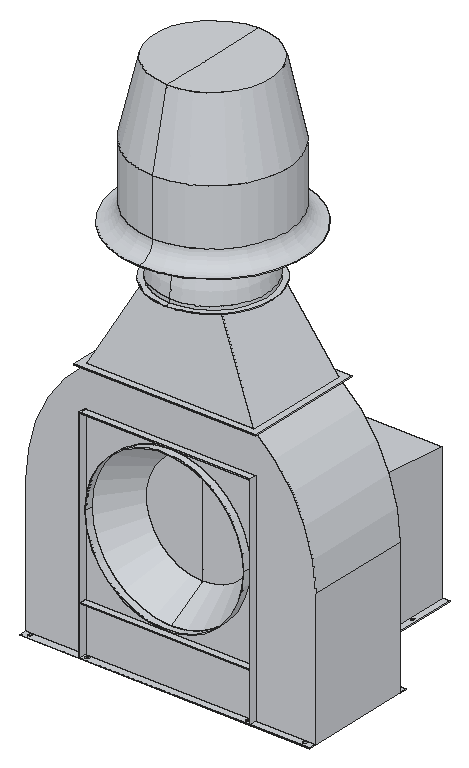
Revit family "CAVP", category Mechanical Equipment, Revit 2019
Family settings
  Round Connector Dimension = Use Radius
  Part Type = Normal
  Work Plane-Based = No
  Always vertical = Yes
  Cut with Voids When Loaded = No
  Shared = No
  Room Calculation Point = No
Parameters (values of type "365_CAVP-21L_CLASS_2")
  Unit Weight [instance] = ""
  TRANSITION/2 = TRANSITION / 2  # 10.16466"
  TRANSITION = sqrt((NOZZLE_BOTTOM_ID * NOZZLE_BOTTOM_ID) / 2)  # 20.32932"
  Sones [instance] = ""
  R-((B/2)+1.5") = R - ((B / 2) + 1 1/2")  # 13 9/32"
  R+((B/2)+1.5") = R + ((B / 2) + 1 1/2")  # 58 23/32"
  R*1.1 = R * 1.1  # 39.6"
  R = 36"
  Q/2 = Q / 2  # 1/2"
  Q = 1"  # constant formula
  P = 18 1/2"
  NOZZLE_WB_RAD-2" = NOZZLE_WB_RAD - 2"  # 22 1/2"
  NOZZLE_WB_RAD = NOZZLE_WB_OD / 2  # 24 1/2"
  NOZZLE_WB_OD = if(NOZZLE_SIZE = 9", 23", if(NOZZLE_SIZE = 12", 28", if(NOZZLE_SIZE = 15", 36", if(NOZZLE_SIZE = 18", 43", if(NOZZLE_SIZE = 21", 49", if(NOZZLE_SIZE = 24", 61", if(NOZZLE_SIZE = 27", 61", if(NOZZLE_SIZE = 30", 74", if(NOZZLE_SIZE = 36", 90", if(NOZZLE_SIZE = 49", 101", 1"))))))))))  # 49"
  NOZZLE_WB/4 = NOZZLE_WB_OD / 5  # 9.8"
  NOZZLE_TOP_RAD = NOZZLE_TOP_OD / 2  # 15 3/8"
  NOZZLE_TOP_OD = if(NOZZLE_SIZE = 9", 13 1/2", if(NOZZLE_SIZE = 12", 19 1/2", if(NOZZLE_SIZE = 15", 23", if(NOZZLE_SIZE = 18", 27 1/2", if(NOZZLE_SIZE = 21", 30 3/4", if(NOZZLE_SIZE = 24", 36 1/2", if(NOZZLE_SIZE = 27", 39 11/16", if(NOZZLE_SIZE = 30", 45 1/2", if(NOZZLE_SIZE = 36", 58", if(NOZZLE_SIZE = 49", 76", 1"))))))))))  # 30 3/4"
  NOZZLE_SIZE = 21"
  NOZZLE_HEIGHT/7*2 = NOZZLE_HEIGHT / 8 * 2  # 13 3/16"
  NOZZLE_HEIGHT = if(NOZZLE_SIZE = 9", 28", if(NOZZLE_SIZE = 12", 32", if(NOZZLE_SIZE = 15", 43", if(NOZZLE_SIZE = 18", 48", if(NOZZLE_SIZE = 21", 52 3/4", if(NOZZLE_SIZE = 24", 62", if(NOZZLE_SIZE = 30", 78", if(NOZZLE_SIZE = 27", 60 5/8", if(NOZZLE_SIZE = 36", 95", if(NOZZLE_SIZE = 49", 110", 1"))))))))))  # 52 3/4"
  NOZZLE_BOTTOM_RAD-3*2 = NOZZLE_BOTTOM_RAD - 3" * 2  # 8 3/8"
  NOZZLE_BOTTOM_RAD = NOZZLE_BOTTOM_ID / 2  # 14 3/8"
  NOZZLE_BOTTOM_ID = if(NOZZLE_SIZE = 9", 12 13/16", if(NOZZLE_SIZE = 12", 17 1/16", if(NOZZLE_SIZE = 15", 21 3/8", if(NOZZLE_SIZE = 18", 25 5/8", if(NOZZLE_SIZE = 21", 28 3/4", if(NOZZLE_SIZE = 24", 34 3/4", if(NOZZLE_SIZE = 27", 38 5/16", if(NOZZLE_SIZE = 30", 42 1/2", if(NOZZLE_SIZE = 36", 51 3/4", if(NOZZLE_SIZE = 49", 69 3/8", 1"))))))))))  # 28 3/4"
  N+(H/2) = N + (H / 2)  # 36 21/32"
  N = 15 7/32"
  Motor RPM [instance] = ""
  Motor Enclosure [instance] = ""
  ModelID [instance] = ""
  M-(2*(D-L-K-J)) = M - (2 * (D - L - K - J))  # 28 1/8"
  M = 30 1/8"
  LwA [instance] = ""
  L = 32 1/8"
  K = 23"
  J+K+L = J + K + L  # 66 1/8"
  J = 11"
  HEIGHT = R + (E * 0.4367)  # 69.76237"
  H/2 = H / 2  # 21 7/16"
  H = 42 7/8"
  Fan RPM [instance] = ""
  F/2 = F / 2  # 22 7/16"
  F-H = F - H  # 2"
  F = 44 7/8"
  E/52*15 = E / 52 * 15  # 22.30168"
  E/2 = E / 2  # 38 21/32"
  E = 77 5/16"
  D-M = D - M  # 37"
  D-L-K-J = D - L - J - K  # 1"
  D = 67 1/8"
  CLASS = 2"
  C/2 = C / 2  # 46 3/32"
  C = 92 3/16"
  B/4 = B / 4  # 10 39/64"
  B/2 = B / 2  # 21 7/32"
  B = 42 7/16"
  Accessories [instance] = ""
  A/2 = A / 2  # 76 29/32"
  A = 153 13/16"
  85 = 85.00°  # constant formula
  60 = 60.00°  # constant formula
  3" = 3"  # constant formula
  Brake Hp [instance] = ""
  4" = 4"  # constant formula
  2' = 24"
  2" = 2"  # constant formula
  1" = 1"  # constant formula
  0 = 0"  # constant formula
  Voltage [instance] = 0 V
  URL = "www.lorencook.com"
  Type Comments = if(CLASS = 1", "Vari-Plume Laboratory Exhaust Centrifugal Airfoil Class 1 Arr 10", "Vari-Plume Laboratory Exhaust Centrifugal Airfoil Class 2 Arr 10")  # "Vari-Plume Laboratory Exhaust Centrifugal Airfoil Class 2 Arr 10"
  Static Pressure [instance] = 0.00 in-wg
  Power [instance] = Voltage * Motor FLA * sqrt(if(Phase = 3, 3, 1))  # 0 VA
  Phase [instance] = 0
  Number of Poles [instance] = 1
  Motor Hp [instance] = "0"
  Motor FLA [instance] = 0 A
  Model = "CAVP"  # constant formula
  Manufacturer = "Loren Cook Company"
  CFM [instance] = 0 CFM
  1.5 = 1 1/2"  # constant formula
  ONE EIGTH = 1/8"  # constant formula
  -(F-((F-H)/2))/2 = -(F / 2) + 2"  # -20 7/16"
  (NOZZLE_WB_OD - NOZZLE_TOP_OD) / 4 = (NOZZLE_WB_OD - NOZZLE_TOP_OD) / 4  # 4 9/16"
  (NOZZLE_HEIGHT - (NOZZLE_HEIGHT / 8 * 2)) / 2 = (NOZZLE_HEIGHT - (NOZZLE_HEIGHT / 8 * 2)) / 2  # 19 25/32"
  (M - (2 * (D - L - K - J)))/2 = (M - (2 * (D - L - K - J))) / 2  # 14 1/16"
  (F-((F-H)/2))/2 = (F / 2) - 2"  # 20 7/16"
  (D-J-K-L)*2 = (D - J - K - L) * 2  # 2"
  (B/2)-.125" = (B / 2) - 1/8"  # 21 3/32"
  (B/2)+1.5" = (B / 2) + 1 1/2"  # 22 23/32"
  ((M - (2 * (D - L - K - J))) / 2) + (TRANSITION / 2) = ((M - (2 * (D - L - K - J))) / 2) + (TRANSITION / 2)  # 24.22716"
Reference planes (in)
  plane 1 "Center (Front/Back)": y = 0
  plane 2: z = 0
  plane 3 "Center (Left/Right)": x = 0.40541
Forms (in)
  Extrusion 1, solid
    sketch origin (0, 0, 0) x (1, 0, 0) y (0, 0, 1)
      loop
        line (-38.25084, 0) -> (39.06166, 0) -> (39.06166, 36)
        arc (39.06166, 36) -> (34.75776, 54.75746) -> (22.70709, 69.76237) r 43.0268
        line (22.70709, 69.76237) -> (-21.89627, 69.76237)
        arc (-21.89627, 69.76237) -> (-33.94694, 54.75746) -> (-38.25084, 36) r 43.0268
        line (-38.25084, 36) -> (-38.25084, 0)
    from 0 to 28.125 <- "M-(2*(D-L-K-J))"
  Extrusion 2, solid
    sketch origin (0.40541, 0, 0) x (0, 1, 0) y (0, 0, 1)
      loop
        line (0, 0) -> (37, 0) -> (37, 36.36292) -> (0, 39.6) -> (0, 0)
    from -20.4375 <- "-(F-((F-H)/2))/2" to 20.4375 <- "(F-((F-H)/2))/2"
  Extrusion 3, solid
    sketch origin (0, 0, 0) x (1, 0, 0) y (0, 1, 0)
      loop
        line (-38.25084, 0) -> (-20.03209, 0) -> (-20.03209, 37) -> (-22.03209, 37) -> (-22.03209, 2) -> (-38.25084, 2) -> (-38.25084, 0)
      loop
        line (-38.25084, -28.125) -> (-38.25084, -30.125) -> (39.06166, -30.125) -> (39.06166, -28.125) -> (-38.25084, -28.125)
      loop
        line (39.06166, 0) -> (39.06166, 2) -> (22.84291, 2) -> (22.84291, 37) -> (20.84291, 37) -> (20.84291, 0) -> (39.06166, 0)
    from 0 to 0.125
  Blend 4, solid
    base sketch origin (0, 0, 0) x (1, 0, 0) y (0, 1, 0)
      loop
        line (-21.89627, 0) -> (-21.89627, -28.125) -> (22.70709, -28.125) -> (22.70709, 0) -> (-21.89627, 0)
    top sketch origin (0, 0, 0) x (1, 0, 0) y (0, 1, 0)
      loop
        line (-9.75925, -3.89784) -> (-9.75925, -24.22716) -> (10.57007, -24.22716) -> (10.57007, -3.89784) -> (-9.75925, -3.89784)
    from 69.76237 <- "HEIGHT" to 92.1875 <- "C"
  Revolve 5, void
    sketch origin (0.40541, 0, 0) x (0, 1, 0) y (0, 0, 1)
      loop
        line (-28.125, 57.21875) -> (-28.125, 36) -> (-17.51563, 36) -> (-17.51563, 51.09342) -> (-28.125, 57.21875)
      axis (-28.125, 36) -> (-17.51563, 36)
    angle from 0 to 360
  Revolve 6, solid
    sketch origin (0.40541, 0, 0) x (0, 1, 0) y (0, 0, 1)
      loop
        line (-14.0625, 92.1875) -> (1.8125, 92.1875) -> (1.8125, 92.3125) -> (0.3125, 92.3125) -> (0.3125, 93.1875)
        arc (0.3125, 93.1875) -> (-0.86893, 99.69645) -> (-4.2625, 105.375) r 18.52085
        line (-4.2625, 105.375) -> (10.4375, 105.375) -> (1.3125, 144.9375) -> (-14.0625, 144.9375) -> (-14.0625, 92.1875)
      axis (-14.0625, 144.9375) -> (-14.0625, 92.1875)
    angle from 0 to 360
  Revolve 7, void
    sketch origin (0.40541, 0, 0) x (0, 1, 0) y (0, 0, 1)
      loop
        line (15, 125.15625) -> (5.875, 125.15625) -> (5.875, 110.0625)
        arc (5.875, 110.0625) -> (10.4375, 105.5) -> (15, 110.0625) r 4.5625
        line (15, 110.0625) -> (15, 125.15625)
      axis (-14.0625, 110.0625) -> (-14.0625, 125.15625)
    angle from 0 to 360
  Extrusion 8, solid
    sketch origin (-20.03209, 0, 0) x (0, -1, 0) y (0, 0, 1)
      loop
        line (-33, 20) -> (-29, 20) -> (-29, 24) -> (-33, 24) -> (-33, 20)
    from 0 to 4
  Extrusion 9, solid
    sketch origin (22.70709, 0, 69.76237) x (-1, 0, 0) y (0, -1, 0)
      loop
        line (44.60337, 0) -> (44.60337, 28.125) -> (0, 28.125) -> (0, 0) -> (44.60337, 0)
      loop
        line (46.60337, -2) -> (46.60337, 30.125) -> (-2, 30.125) -> (-2, -2) -> (46.60337, -2)
    from 0 to 0.125
  Extrusion 10, solid
    sketch origin (0, -28.125, 0) x (1, 0, 0) y (0, 0, 1)
      loop
        circle (0.40541, 36) r 21.21875
      loop
        circle (0.40541, 36) r 21.09375
    from 0 to 2
  Extrusion 11, solid
    sketch origin (0, -28.125, 0) x (1, 0, 0) y (0, 0, 1)
      loop
        line (-22.31334, 58.71875) -> (-22.31334, 13.28125) -> (23.12416, 13.28125) -> (23.12416, 58.71875) -> (-22.31334, 58.71875)
      loop
        line (-22.43834, 0.125) -> (-22.31334, 0.125) -> (-22.31334, 13.15625) -> (23.12416, 13.15625) -> (23.12416, 0.125) -> (23.24916, 0.125) -> (23.24916, 58.84375) -> (-22.43834, 58.84375) -> (-22.43834, 0.125)
    from 0 to 2 <- "(D-J-K-L)*2"
  Extrusion 12, void
    sketch origin (0, 0, 0) x (1, 0, 0) y (0, 1, 0)
      loop
        circle (-21.03209, -29.125) r 0.5
      loop
        circle (-36.25084, -29.125) r 0.5
      loop
        circle (-36.25084, 1) r 0.5
      loop
        circle (-21.03209, 26) r 0.5
      loop
        circle (-21.03209, 7.5) r 0.5
      loop
        circle (-21.03209, 3) r 0.5
      loop
        circle (21.84291, -29.125) r 0.5
      loop
        circle (37.06166, -29.125) r 0.5
      loop
        circle (37.06166, 1) r 0.5
      loop
        circle (21.84291, 26) r 0.5
      loop
        circle (21.84291, 7.5) r 0.5
      loop
        circle (21.84291, 3) r 0.5
    from 0 to 2
Cuts and joins
  Revolve 5, Extrusion 12 cuts Extrusion 1
  Revolve 7 cuts Revolve 6
  Extrusion 12 cuts Extrusion 3
Dimensions and locks (in)
  "0": Extrusion 1 sketch curve to level
  "E/2": plane 3 "Center (Left/Right)" to Extrusion 1 sketch curve
  "E/2": Extrusion 1 sketch curve to plane 3 "Center (Left/Right)"
  "HEIGHT": Extrusion 1 sketch curve to level
  "E/52*15": plane 3 "Center (Left/Right)" to Extrusion 1 sketch curve
  "E/52*15": Extrusion 1 sketch curve to plane 3 "Center (Left/Right)"
  "R": Extrusion 1 sketch curve to level  (x2)
  "R*1.1": Extrusion 2 sketch curve to level
  "0": Extrusion 2 sketch curve to level
  "D-M": Extrusion 2 sketch curve to Extrusion 1
  "0": Extrusion 2 sketch curve to Extrusion 1
  "0": Extrusion 3 sketch curve to Extrusion 2  (x4)
  "0": Extrusion 3 sketch curve to Extrusion 1  (x6)
  "0": Extrusion 1 to Extrusion 3 sketch curve
  "D": Extrusion 2 to Extrusion 3 sketch curve
  "F/2": plane 3 "Center (Left/Right)" to Extrusion 3 sketch curve
  "F/2": Extrusion 3 sketch curve to plane 3 "Center (Left/Right)"
  "(D-J-K-L)*2": Extrusion 3 sketch curve to Extrusion 1  (x2)
  "0": Extrusion 1 to Blend 4 sketch curve
  "0": Blend 4 sketch curve to Extrusion 1  (x3)
  "R": level to Revolve 5 sketch curve
  "R": Revolve 5 sketch curve to level
  "B/2": Revolve 5 sketch curve to Revolve 5 sketch curve
  "B/4": Extrusion 1 to Revolve 5 sketch curve
  "0": Revolve 5 sketch curve to Extrusion 1
  "(M - (2 * (D - L - K - J)))/2": Revolve 6 sketch curve to cut or joined group of Extrusion 1, Revolve 5, Extrusion 12  (x2)
  "NOZZLE_BOTTOM_RAD": Revolve 6 sketch curve to Revolve 6 sketch curve
  "NOZZLE_WB_RAD": Revolve 6 sketch curve to Revolve 6 sketch curve
  "NOZZLE_TOP_RAD": Revolve 6 sketch curve to Revolve 6 sketch curve
  "NOZZLE_HEIGHT": Revolve 6 sketch curve to Blend 4
  "NOZZLE_HEIGHT/7*2": Revolve 6 sketch curve to Blend 4
  "ONE EIGTH": Revolve 6 sketch curve to Revolve 6 sketch curve
  "1.5": Revolve 6 sketch curve to Revolve 6 sketch curve
  "0": Revolve 6 sketch curve to Blend 4
  "1"": Revolve 6 sketch curve to Blend 4
  "NOZZLE_WB/4": Revolve 6 sketch curve to Revolve 6 sketch curve
  "ONE EIGTH": Revolve 7 sketch curve to Revolve 6
  "(NOZZLE_WB_OD - NOZZLE_TOP_OD) / 4": Revolve 6 to Revolve 7 sketch curve
  "(NOZZLE_WB_OD - NOZZLE_TOP_OD) / 4": Revolve 7 sketch curve to Revolve 6
  "(NOZZLE_HEIGHT - (NOZZLE_HEIGHT / 8 * 2)) / 2": Revolve 7 sketch curve to Revolve 6
  "(M - (2 * (D - L - K - J)))/2": Revolve 7 sketch curve to cut or joined group of Extrusion 1, Revolve 5, Extrusion 12
  "4"": Extrusion 8 sketch curve to Extrusion 8 sketch curve  (x2)
  "4"": Extrusion 2 to Extrusion 8 sketch curve
  "2'": Extrusion 8 sketch curve to level
  "0": cut or joined group of Extrusion 1, Revolve 5, Extrusion 12 to Extrusion 9 sketch curve  (x2)
  "0": Extrusion 9 sketch curve to cut or joined group of Extrusion 1, Revolve 5, Extrusion 12  (x2)
  "2"": cut or joined group of Extrusion 1, Revolve 5, Extrusion 12 to Extrusion 9 sketch curve  (x2)
  "2"": Extrusion 9 sketch curve to cut or joined group of Extrusion 1, Revolve 5, Extrusion 12  (x2)
  "0": Extrusion 10 sketch curve to plane 3 "Center (Left/Right)"  (x2)
  "R": Extrusion 10 sketch curve to level  (x2)
  "(B/2)+1.5"": plane 3 "Center (Left/Right)" to Extrusion 11 sketch curve  (x3)
  "(B/2)+1.5"": Extrusion 11 sketch curve to plane 3 "Center (Left/Right)"
  "R+((B/2)+1.5")": Extrusion 11 sketch curve to level
  "R-((B/2)+1.5")": Extrusion 11 sketch curve to level
  "0": Extrusion 11 sketch curve to Extrusion 3
  "ONE EIGTH": Extrusion 11 sketch curve to Extrusion 11 sketch curve  (x4)
  "0": Extrusion 3 to Extrusion 11 sketch curve
  "J": Extrusion 2 to Extrusion 12 sketch curve  (x2)
  "H/2": Extrusion 12 sketch curve to plane 3 "Center (Left/Right)"  (x8)
  "P": Extrusion 12 sketch curve to Extrusion 12 sketch curve  (x2)
  "K": Extrusion 12 sketch curve to Extrusion 12 sketch curve  (x2)
  "L": Extrusion 12 sketch curve to Extrusion 12 sketch curve  (x2)
  "N+(H/2)": Extrusion 12 sketch curve to plane 3 "Center (Left/Right)"  (x4)
  "M": Extrusion 12 sketch curve to Extrusion 12 sketch curve  (x2)
  "J+K+L": Extrusion 2 to Extrusion 12 sketch curve  (x2)
  "((M - (2 * (D - L - K - J))) / 2) + (TRANSITION / 2)": Blend 4 sketch curve to plane 1 "Center (Front/Back)"
  "TRANSITION": Blend 4 sketch curve to Blend 4 sketch curve  (x2)
  "TRANSITION/2": plane 3 "Center (Left/Right)" to Blend 4 sketch curve
  "B/2": radius of Extrusion 10 sketch curve
  "(B/2)-.125"": radius of Extrusion 10 sketch curve
  "Q/2": radius of Extrusion 12 sketch curve  (x12)
  "85": angle Extrusion 2 sketch curve to Extrusion 1
  "60": angle Extrusion 1 to Revolve 5 sketch curve
Automatic sketch dimensions
  Revolve 5 sketch curve to Revolve 5 sketch curve = 0"
  plane 1 "Center (Front/Back)" to Revolve 5 sketch curve = 13.92544"
  Revolve 6 sketch curve to Revolve 6 sketch curve = 60"
  Revolve 6 sketch curve to Revolve 6 sketch curve = 18"
  Revolve 7 sketch curve to Revolve 7 sketch curve = 24.49886"
  Revolve 7 sketch curve to Revolve 7 sketch curve = 12"
Connectors (in)
  electrical at (-22.03209, 31, 20)
    settings: on Extrusion 8, index 1, voltage 0 V, apparent load 0 VA, apparent load phase1 0 VA, apparent load phase2 0 VA, apparent load phase3 0 VA, power factor 1, load classification "Other", number of poles 1, system type 30, power factor state 1, is connector primary yes, connector utility no, sub classification motor no, connector description ""
  hvac at (0.40541, -28.125, 36), driven by "B/2"
    settings: on cut or joined group of Extrusion 1, Revolve 5, Extrusion 12, index 2, duct flow 0 CFM, flow factor 0, pres drop 0.00 in-wg, loss coef 0, conn angle 0.00°, conn width 12", conn height 12", conn diameter 42 7/16", duct sys type 3, conn prof type 0, flow config 0, flow direction 1, loss method 0, conn ref index -1, conn util no, is conn primary yes, conn desc ""
Types (228): name | TRANSITION/2 | TRANSITION | R-((B/2)+1.5") | R+((B/2)+1.5") | R*1.1 | R | P | NOZZLE_WB_RAD-2" | NOZZLE_WB_RAD | NOZZLE_WB_OD | NOZZLE_WB/4 | NOZZLE_TOP_RAD | NOZZLE_TOP_OD | NOZZLE_SIZE | NOZZLE_HEIGHT/7*2 | NOZZLE_HEIGHT | NOZZLE_BOTTOM_RAD-3*2 | NOZZLE_BOTTOM_RAD | NOZZLE_BOTTOM_ID | N+(H/2) | N | M-(2*(D-L-K-J)) | M | L | K | J+K+L | J | HEIGHT | H/2 | H | F/2 | F | E/52*15 | E/2 | E | D-M | D-L-K-J | D | CLASS | C/2 | C | B/4 | B/2 | B | A/2 | A | Type Comments | -(F-((F-H)/2))/2 | (NOZZLE_WB_OD - NOZZLE_TOP_OD) / 4 | (NOZZLE_HEIGHT - (NOZZLE_HEIGHT / 8 * 2)) / 2 | (M - (2 * (D - L - K - J)))/2 | (F-((F-H)/2))/2 | (D-J-K-L)*2 | (B/2)-.125" | (B/2)+1.5" | ((M - (2 * (D - L - K - J))) / 2) + (TRANSITION / 2)
  (no name) | 10.16466" | 20.32932" | 13 9/32" | 58 23/32" | 39.6" | 36" | 18 1/2" | 22 1/2" | 24 1/2" | 49" | 9.8" | 15 3/8" | 30 3/4" | 21" | 13 3/16" | 52 3/4" | 8 3/8" | 14 3/8" | 28 3/4" | 36 21/32" | 15 7/32" | 28 1/8" | 30 1/8" | 32 1/8" | 23" | 66 1/8" | 11" | 69.76237" | 21 7/16" | 42 7/8" | 22 7/16" | 44 7/8" | 22.30168" | 38 21/32" | 77 5/16" | 37" | 1" | 67 1/8" | 2" | 46 3/32" | 92 3/16" | 10 39/64" | 21 7/32" | 42 7/16" | 76 29/32" | 153 13/16" | "Vari-Plume Laboratory Exhaust Centrifugal Airfoil Class 2 Arr 10" | -20 7/16" | 4 9/16" | 19 25/32" | 14 1/16" | 20 7/16" | 2" | 21 3/32" | 22 23/32" | 24.22716"
  120_CAVP-9L_CLASS_1 | 4.5299" | 9.05981" | 12 7/16" | 31 9/16" | 24.2" | 22" | 60" | 9 1/2" | 11 1/2" | 23" | 4.6" | 6 3/4" | 13 1/2" | 9" | 7" | 28" | 13/32" | 6 13/32" | 12 13/16" | 69 3/4" | 60" | 9 3/8" | 11 7/16" | 13 13/32" | 11 7/8" | 31 25/32" | 6 1/2" | 33.65443" | 9 3/4" | 19 1/2" | 10 3/4" | 21 1/2" | 7.69832" | 13 11/32" | 26 11/16" | 21 3/8" | 1 1/32" | 32 13/16" | 1" | 21 1/2" | 43" | 4 1/32" | 8 1/16" | 16 1/8" | 35 1/2" | 71" | "Vari-Plume Laboratory Exhaust Centrifugal Airfoil Class 1 Arr 10" | -8 3/4" | 2 3/8" | 10 1/2" | 4 11/16" | 8 3/4" | 2 1/16" | 7 15/16" | 9 9/16" | 9.2174"
  120_CAVP-9H_CLASS_1 | 4.5299" | 9.05981" | 12 7/16" | 31 9/16" | 24.2" | 22" | 60" | 9 1/2" | 11 1/2" | 23" | 4.6" | 6 3/4" | 13 1/2" | 9" | 7" | 28" | 13/32" | 6 13/32" | 12 13/16" | 69 3/4" | 60" | 9 3/8" | 11 7/16" | 13 13/32" | 11 7/8" | 31 25/32" | 6 1/2" | 33.65443" | 9 3/4" | 19 1/2" | 10 3/4" | 21 1/2" | 7.69832" | 13 11/32" | 26 11/16" | 21 3/8" | 1 1/32" | 32 13/16" | 1" | 21 1/2" | 43" | 4 1/32" | 8 1/16" | 16 1/8" | 35 1/2" | 71" | "Vari-Plume Laboratory Exhaust Centrifugal Airfoil Class 1 Arr 10" | -8 3/4" | 2 3/8" | 10 1/2" | 4 11/16" | 8 3/4" | 2 1/16" | 7 15/16" | 9 9/16" | 9.2174"
  120_CAVP-9L_CLASS_2 | 4.5299" | 9.05981" | 12 7/16" | 31 9/16" | 24.2" | 22" | 60" | 9 1/2" | 11 1/2" | 23" | 4.6" | 6 3/4" | 13 1/2" | 9" | 7" | 28" | 13/32" | 6 13/32" | 12 13/16" | 69 3/4" | 60" | 7 7/8" | 11 7/16" | 13 13/32" | 15 3/8" | 35 1/32" | 6 1/4" | 33.65443" | 9 3/4" | 19 1/2" | 10 3/4" | 21 1/2" | 7.69832" | 13 11/32" | 26 11/16" | 25 3/8" | 1 25/32" | 36 13/16" | 2" | 21 1/2" | 43" | 4 1/32" | 8 1/16" | 16 1/8" | 35 1/2" | 71" | "Vari-Plume Laboratory Exhaust Centrifugal Airfoil Class 2 Arr 10" | -8 3/4" | 2 3/8" | 10 1/2" | 3 15/16" | 8 3/4" | 3 9/16" | 7 15/16" | 9 9/16" | 8.4674"
  120_CAVP-9H_CLASS_2 | 4.5299" | 9.05981" | 12 7/16" | 31 9/16" | 24.2" | 22" | 60" | 9 1/2" | 11 1/2" | 23" | 4.6" | 6 3/4" | 13 1/2" | 9" | 7" | 28" | 13/32" | 6 13/32" | 12 13/16" | 69 3/4" | 60" | 7 7/8" | 11 7/16" | 13 13/32" | 15 3/8" | 35 1/32" | 6 1/4" | 33.65443" | 9 3/4" | 19 1/2" | 10 3/4" | 21 1/2" | 7.69832" | 13 11/32" | 26 11/16" | 25 3/8" | 1 25/32" | 36 13/16" | 2" | 21 1/2" | 43" | 4 1/32" | 8 1/16" | 16 1/8" | 35 1/2" | 71" | "Vari-Plume Laboratory Exhaust Centrifugal Airfoil Class 2 Arr 10" | -8 3/4" | 2 3/8" | 10 1/2" | 3 15/16" | 8 3/4" | 3 9/16" | 7 15/16" | 9 9/16" | 8.4674"
  135_CAVP-9L_CLASS_1 | 4.5299" | 9.05981" | 11 11/16" | 32 5/16" | 24.2" | 22" | 60" | 9 1/2" | 11 1/2" | 23" | 4.6" | 6 3/4" | 13 1/2" | 9" | 7" | 28" | 13/32" | 6 13/32" | 12 13/16" | 69 3/4" | 60" | 10 1/2" | 12 9/16" | 14 17/32" | 12 1/4" | 33 9/32" | 6 1/2" | 35.01912" | 9 3/4" | 19 1/2" | 10 3/4" | 21 1/2" | 8.59976" | 14 29/32" | 29 13/16" | 21 3/4" | 1 1/32" | 34 5/16" | 1" | 22 27/32" | 45 11/16" | 4 13/32" | 8 13/16" | 17 5/8" | 36 27/32" | 73 11/16" | "Vari-Plume Laboratory Exhaust Centrifugal Airfoil Class 1 Arr 10" | -8 3/4" | 2 3/8" | 10 1/2" | 5 1/4" | 8 3/4" | 2 1/16" | 8 11/16" | 10 5/16" | 9.7799"
  135_CAVP-9H_CLASS_1 | 4.5299" | 9.05981" | 11 11/16" | 32 5/16" | 24.2" | 22" | 60" | 9 1/2" | 11 1/2" | 23" | 4.6" | 6 3/4" | 13 1/2" | 9" | 7" | 28" | 13/32" | 6 13/32" | 12 13/16" | 69 3/4" | 60" | 10 1/2" | 12 9/16" | 14 17/32" | 12 1/4" | 33 9/32" | 6 1/2" | 35.01912" | 9 3/4" | 19 1/2" | 10 3/4" | 21 1/2" | 8.59976" | 14 29/32" | 29 13/16" | 21 3/4" | 1 1/32" | 34 5/16" | 1" | 22 27/32" | 45 11/16" | 4 13/32" | 8 13/16" | 17 5/8" | 36 27/32" | 73 11/16" | "Vari-Plume Laboratory Exhaust Centrifugal Airfoil Class 1 Arr 10" | -8 3/4" | 2 3/8" | 10 1/2" | 5 1/4" | 8 3/4" | 2 1/16" | 8 11/16" | 10 5/16" | 9.7799"
  135_CAVP-9L_CLASS_2 | 4.5299" | 9.05981" | 11 11/16" | 32 5/16" | 24.2" | 22" | 60" | 9 1/2" | 11 1/2" | 23" | 4.6" | 6 3/4" | 13 1/2" | 9" | 7" | 28" | 13/32" | 6 13/32" | 12 13/16" | 69 3/4" | 60" | 10 1/2" | 12 9/16" | 14 17/32" | 15 3/8" | 36 5/32" | 6 1/4" | 35.01912" | 9 3/4" | 19 1/2" | 10 3/4" | 21 1/2" | 8.59976" | 14 29/32" | 29 13/16" | 24 5/8" | 1 1/32" | 37 3/16" | 2" | 22 27/32" | 45 11/16" | 4 13/32" | 8 13/16" | 17 5/8" | 36 27/32" | 73 11/16" | "Vari-Plume Laboratory Exhaust Centrifugal Airfoil Class 2 Arr 10" | -8 3/4" | 2 3/8" | 10 1/2" | 5 1/4" | 8 3/4" | 2 1/16" | 8 11/16" | 10 5/16" | 9.7799"
  135_CAVP-9H_CLASS_2 | 4.5299" | 9.05981" | 11 11/16" | 32 5/16" | 24.2" | 22" | 60" | 9 1/2" | 11 1/2" | 23" | 4.6" | 6 3/4" | 13 1/2" | 9" | 7" | 28" | 13/32" | 6 13/32" | 12 13/16" | 69 3/4" | 60" | 10 1/2" | 12 9/16" | 14 17/32" | 15 3/8" | 36 5/32" | 6 1/4" | 35.01912" | 9 3/4" | 19 1/2" | 10 3/4" | 21 1/2" | 8.59976" | 14 29/32" | 29 13/16" | 24 5/8" | 1 1/32" | 37 3/16" | 2" | 22 27/32" | 45 11/16" | 4 13/32" | 8 13/16" | 17 5/8" | 36 27/32" | 73 11/16" | "Vari-Plume Laboratory Exhaust Centrifugal Airfoil Class 2 Arr 10" | -8 3/4" | 2 3/8" | 10 1/2" | 5 1/4" | 8 3/4" | 2 1/16" | 8 11/16" | 10 5/16" | 9.7799"
  150_CAVP-9L_CLASS_1 | 4.5299" | 9.05981" | 10 15/16" | 33 1/16" | 24.2" | 22" | 60" | 9 1/2" | 11 1/2" | 23" | 4.6" | 6 3/4" | 13 1/2" | 9" | 7" | 28" | 13/32" | 6 13/32" | 12 13/16" | 69 3/4" | 60" | 11 5/8" | 13 11/16" | 15 21/32" | 12 1/4" | 34 13/32" | 6 1/2" | 36.35651" | 9 3/4" | 19 1/2" | 10 3/4" | 21 1/2" | 9.48317" | 16 7/16" | 32 7/8" | 21 3/4" | 1 1/32" | 35 7/16" | 1" | 23 3/8" | 46 3/4" | 4 25/32" | 9 9/16" | 19 1/8" | 39" | 78" | "Vari-Plume Laboratory Exhaust Centrifugal Airfoil Class 1 Arr 10" | -8 3/4" | 2 3/8" | 10 1/2" | 5 13/16" | 8 3/4" | 2 1/16" | 9 7/16" | 11 1/16" | 10.3424"
  150_CAVP-9H_CLASS_1 | 4.5299" | 9.05981" | 10 15/16" | 33 1/16" | 24.2" | 22" | 60" | 9 1/2" | 11 1/2" | 23" | 4.6" | 6 3/4" | 13 1/2" | 9" | 7" | 28" | 13/32" | 6 13/32" | 12 13/16" | 69 3/4" | 60" | 11 5/8" | 13 11/16" | 15 21/32" | 12 1/4" | 34 13/32" | 6 1/2" | 36.35651" | 9 3/4" | 19 1/2" | 10 3/4" | 21 1/2" | 9.48317" | 16 7/16" | 32 7/8" | 21 3/4" | 1 1/32" | 35 7/16" | 1" | 23 3/8" | 46 3/4" | 4 25/32" | 9 9/16" | 19 1/8" | 39" | 78" | "Vari-Plume Laboratory Exhaust Centrifugal Airfoil Class 1 Arr 10" | -8 3/4" | 2 3/8" | 10 1/2" | 5 13/16" | 8 3/4" | 2 1/16" | 9 7/16" | 11 1/16" | 10.3424"
  150_CAVP-9L_CLASS_2 | 4.5299" | 9.05981" | 10 15/16" | 33 1/16" | 24.2" | 22" | 60" | 9 1/2" | 11 1/2" | 23" | 4.6" | 6 3/4" | 13 1/2" | 9" | 7" | 28" | 13/32" | 6 13/32" | 12 13/16" | 69 3/4" | 60" | 11 5/8" | 13 11/16" | 15 21/32" | 15 3/8" | 37 9/32" | 6 1/4" | 36.35651" | 9 3/4" | 19 1/2" | 10 3/4" | 21 1/2" | 9.48317" | 16 7/16" | 32 7/8" | 24 5/8" | 1 1/32" | 38 5/16" | 2" | 23 3/8" | 46 3/4" | 4 25/32" | 9 9/16" | 19 1/8" | 39" | 78" | "Vari-Plume Laboratory Exhaust Centrifugal Airfoil Class 2 Arr 10" | -8 3/4" | 2 3/8" | 10 1/2" | 5 13/16" | 8 3/4" | 2 1/16" | 9 7/16" | 11 1/16" | 10.3424"
  150_CAVP-9H_CLASS_2 | 4.5299" | 9.05981" | 10 15/16" | 33 1/16" | 24.2" | 22" | 60" | 9 1/2" | 11 1/2" | 23" | 4.6" | 6 3/4" | 13 1/2" | 9" | 7" | 28" | 13/32" | 6 13/32" | 12 13/16" | 69 3/4" | 60" | 11 5/8" | 13 11/16" | 15 21/32" | 15 3/8" | 37 9/32" | 6 1/4" | 36.35651" | 9 3/4" | 19 1/2" | 10 3/4" | 21 1/2" | 9.48317" | 16 7/16" | 32 7/8" | 24 5/8" | 1 1/32" | 38 5/16" | 2" | 23 3/8" | 46 3/4" | 4 25/32" | 9 9/16" | 19 1/8" | 39" | 78" | "Vari-Plume Laboratory Exhaust Centrifugal Airfoil Class 2 Arr 10" | -8 3/4" | 2 3/8" | 10 1/2" | 5 13/16" | 8 3/4" | 2 1/16" | 9 7/16" | 11 1/16" | 10.3424"
  150_CAVP-12H_CLASS_2 | 6.0325" | 12.06501" | 10 15/16" | 33 1/16" | 24.2" | 22" | 60" | 12" | 14" | 28" | 5.6" | 9 3/4" | 19 1/2" | 12" | 8" | 32" | 2 17/32" | 8 17/32" | 17 1/16" | 69 3/4" | 60" | 11 5/8" | 13 11/16" | 15 21/32" | 15 3/8" | 37 9/32" | 6 1/4" | 36.35651" | 9 3/4" | 19 1/2" | 10 3/4" | 21 1/2" | 9.48317" | 16 7/16" | 32 7/8" | 24 5/8" | 1 1/32" | 38 5/16" | 2" | 23 3/8" | 46 3/4" | 4 25/32" | 9 9/16" | 19 1/8" | 39" | 78" | "Vari-Plume Laboratory Exhaust Centrifugal Airfoil Class 2 Arr 10" | -8 3/4" | 2 1/8" | 12" | 5 13/16" | 8 3/4" | 2 1/16" | 9 7/16" | 11 1/16" | 11.845"
  150_CAVP-12L_CLASS_2 | 6.0325" | 12.06501" | 10 15/16" | 33 1/16" | 24.2" | 22" | 60" | 12" | 14" | 28" | 5.6" | 9 3/4" | 19 1/2" | 12" | 8" | 32" | 2 17/32" | 8 17/32" | 17 1/16" | 69 3/4" | 60" | 11 5/8" | 13 11/16" | 15 21/32" | 15 3/8" | 37 9/32" | 6 1/4" | 36.35651" | 9 3/4" | 19 1/2" | 10 3/4" | 21 1/2" | 9.48317" | 16 7/16" | 32 7/8" | 24 5/8" | 1 1/32" | 38 5/16" | 2" | 23 3/8" | 46 3/4" | 4 25/32" | 9 9/16" | 19 1/8" | 39" | 78" | "Vari-Plume Laboratory Exhaust Centrifugal Airfoil Class 2 Arr 10" | -8 3/4" | 2 1/8" | 12" | 5 13/16" | 8 3/4" | 2 1/16" | 9 7/16" | 11 1/16" | 11.845"
  150_CAVP-12H_CLASS_1 | 6.0325" | 12.06501" | 10 15/16" | 33 1/16" | 24.2" | 22" | 60" | 12" | 14" | 28" | 5.6" | 9 3/4" | 19 1/2" | 12" | 8" | 32" | 2 17/32" | 8 17/32" | 17 1/16" | 69 3/4" | 60" | 11 5/8" | 13 11/16" | 15 21/32" | 12 1/4" | 34 13/32" | 6 1/2" | 36.35651" | 9 3/4" | 19 1/2" | 10 3/4" | 21 1/2" | 9.48317" | 16 7/16" | 32 7/8" | 21 3/4" | 1 1/32" | 35 7/16" | 1" | 23 3/8" | 46 3/4" | 4 25/32" | 9 9/16" | 19 1/8" | 39" | 78" | "Vari-Plume Laboratory Exhaust Centrifugal Airfoil Class 1 Arr 10" | -8 3/4" | 2 1/8" | 12" | 5 13/16" | 8 3/4" | 2 1/16" | 9 7/16" | 11 1/16" | 11.845"
  150_CAVP-12L_CLASS_1 | 6.0325" | 12.06501" | 10 15/16" | 33 1/16" | 24.2" | 22" | 60" | 12" | 14" | 28" | 5.6" | 9 3/4" | 19 1/2" | 12" | 8" | 32" | 2 17/32" | 8 17/32" | 17 1/16" | 69 3/4" | 60" | 11 5/8" | 13 11/16" | 15 21/32" | 12 1/4" | 34 13/32" | 6 1/2" | 36.35651" | 9 3/4" | 19 1/2" | 10 3/4" | 21 1/2" | 9.48317" | 16 7/16" | 32 7/8" | 21 3/4" | 1 1/32" | 35 7/16" | 1" | 23 3/8" | 46 3/4" | 4 25/32" | 9 9/16" | 19 1/8" | 39" | 78" | "Vari-Plume Laboratory Exhaust Centrifugal Airfoil Class 1 Arr 10" | -8 3/4" | 2 1/8" | 12" | 5 13/16" | 8 3/4" | 2 1/16" | 9 7/16" | 11 1/16" | 11.845"
  165_CAVP-9L_CLASS_1 | 4.5299" | 9.05981" | 12 5/32" | 36 11/32" | 26.675" | 24 1/4" | 60" | 9 1/2" | 11 1/2" | 23" | 4.6" | 6 3/4" | 13 1/2" | 9" | 7" | 28" | 13/32" | 6 13/32" | 12 13/16" | 72 1/16" | 60" | 12 13/16" | 14 7/8" | 16 27/32" | 12 1/4" | 36 19/32" | 7 1/2" | 39.9712" | 12 1/16" | 24 1/8" | 13 1/16" | 26 1/8" | 10.38462" | 18" | 36" | 22 3/4" | 1 1/32" | 37 5/8" | 1" | 25 13/32" | 50 13/16" | 5 19/64" | 10 19/32" | 21 3/16" | 41 1/32" | 82 1/16" | "Vari-Plume Laboratory Exhaust Centrifugal Airfoil Class 1 Arr 10" | -11 1/16" | 2 3/8" | 10 1/2" | 6 13/32" | 11 1/16" | 2 1/16" | 10 15/32" | 12 3/32" | 10.93615"
  165_CAVP-9H_CLASS_1 | 4.5299" | 9.05981" | 12 5/32" | 36 11/32" | 26.675" | 24 1/4" | 60" | 9 1/2" | 11 1/2" | 23" | 4.6" | 6 3/4" | 13 1/2" | 9" | 7" | 28" | 13/32" | 6 13/32" | 12 13/16" | 72 1/16" | 60" | 12 13/16" | 14 7/8" | 16 27/32" | 12 1/4" | 36 19/32" | 7 1/2" | 39.9712" | 12 1/16" | 24 1/8" | 13 1/16" | 26 1/8" | 10.38462" | 18" | 36" | 22 3/4" | 1 1/32" | 37 5/8" | 1" | 25 13/32" | 50 13/16" | 5 19/64" | 10 19/32" | 21 3/16" | 41 1/32" | 82 1/16" | "Vari-Plume Laboratory Exhaust Centrifugal Airfoil Class 1 Arr 10" | -11 1/16" | 2 3/8" | 10 1/2" | 6 13/32" | 11 1/16" | 2 1/16" | 10 15/32" | 12 3/32" | 10.93615"
  165_CAVP-12L_CLASS_1 | 6.0325" | 12.06501" | 12 5/32" | 36 11/32" | 26.675" | 24 1/4" | 60" | 12" | 14" | 28" | 5.6" | 9 3/4" | 19 1/2" | 12" | 8" | 32" | 2 17/32" | 8 17/32" | 17 1/16" | 72 1/16" | 60" | 12 13/16" | 14 7/8" | 16 27/32" | 12 1/4" | 36 19/32" | 7 1/2" | 39.9712" | 12 1/16" | 24 1/8" | 13 1/16" | 26 1/8" | 10.38462" | 18" | 36" | 22 3/4" | 1 1/32" | 37 5/8" | 1" | 25 13/32" | 50 13/16" | 5 19/64" | 10 19/32" | 21 3/16" | 41 1/32" | 82 1/16" | "Vari-Plume Laboratory Exhaust Centrifugal Airfoil Class 1 Arr 10" | -11 1/16" | 2 1/8" | 12" | 6 13/32" | 11 1/16" | 2 1/16" | 10 15/32" | 12 3/32" | 12.43875"
  165_CAVP-12H_CLASS_1 | 6.0325" | 12.06501" | 12 5/32" | 36 11/32" | 26.675" | 24 1/4" | 60" | 12" | 14" | 28" | 5.6" | 9 3/4" | 19 1/2" | 12" | 8" | 32" | 2 17/32" | 8 17/32" | 17 1/16" | 72 1/16" | 60" | 12 13/16" | 14 7/8" | 16 27/32" | 12 1/4" | 36 19/32" | 7 1/2" | 39.9712" | 12 1/16" | 24 1/8" | 13 1/16" | 26 1/8" | 10.38462" | 18" | 36" | 22 3/4" | 1 1/32" | 37 5/8" | 1" | 25 13/32" | 50 13/16" | 5 19/64" | 10 19/32" | 21 3/16" | 41 1/32" | 82 1/16" | "Vari-Plume Laboratory Exhaust Centrifugal Airfoil Class 1 Arr 10" | -11 1/16" | 2 1/8" | 12" | 6 13/32" | 11 1/16" | 2 1/16" | 10 15/32" | 12 3/32" | 12.43875"
  165_CAVP-9L_CLASS_2 | 4.5299" | 9.05981" | 12 5/32" | 36 11/32" | 26.675" | 24 1/4" | 60" | 9 1/2" | 11 1/2" | 23" | 4.6" | 6 3/4" | 13 1/2" | 9" | 7" | 28" | 13/32" | 6 13/32" | 12 13/16" | 72 1/16" | 60" | 12 13/16" | 14 7/8" | 16 27/32" | 19 3/8" | 43 15/32" | 7 1/4" | 39.9712" | 12 1/16" | 24 1/8" | 13 1/16" | 26 1/8" | 10.38462" | 18" | 36" | 29 5/8" | 1 1/32" | 44 1/2" | 2" | 25 13/32" | 50 13/16" | 5 19/64" | 10 19/32" | 21 3/16" | 41 1/32" | 82 1/16" | "Vari-Plume Laboratory Exhaust Centrifugal Airfoil Class 2 Arr 10" | -11 1/16" | 2 3/8" | 10 1/2" | 6 13/32" | 11 1/16" | 2 1/16" | 10 15/32" | 12 3/32" | 10.93615"
  165_CAVP-9H_CLASS_2 | 4.5299" | 9.05981" | 12 5/32" | 36 11/32" | 26.675" | 24 1/4" | 60" | 9 1/2" | 11 1/2" | 23" | 4.6" | 6 3/4" | 13 1/2" | 9" | 7" | 28" | 13/32" | 6 13/32" | 12 13/16" | 72 1/16" | 60" | 12 13/16" | 14 7/8" | 16 27/32" | 19 3/8" | 43 15/32" | 7 1/4" | 39.9712" | 12 1/16" | 24 1/8" | 13 1/16" | 26 1/8" | 10.38462" | 18" | 36" | 29 5/8" | 1 1/32" | 44 1/2" | 2" | 25 13/32" | 50 13/16" | 5 19/64" | 10 19/32" | 21 3/16" | 41 1/32" | 82 1/16" | "Vari-Plume Laboratory Exhaust Centrifugal Airfoil Class 2 Arr 10" | -11 1/16" | 2 3/8" | 10 1/2" | 6 13/32" | 11 1/16" | 2 1/16" | 10 15/32" | 12 3/32" | 10.93615"
  165_CAVP-12L_CLASS_2 | 6.0325" | 12.06501" | 12 5/32" | 36 11/32" | 26.675" | 24 1/4" | 60" | 12" | 14" | 28" | 5.6" | 9 3/4" | 19 1/2" | 12" | 8" | 32" | 2 17/32" | 8 17/32" | 17 1/16" | 72 1/16" | 60" | 12 13/16" | 14 7/8" | 16 27/32" | 19 3/8" | 43 15/32" | 7 1/4" | 39.9712" | 12 1/16" | 24 1/8" | 13 1/16" | 26 1/8" | 10.38462" | 18" | 36" | 29 5/8" | 1 1/32" | 44 1/2" | 2" | 25 13/32" | 50 13/16" | 5 19/64" | 10 19/32" | 21 3/16" | 41 1/32" | 82 1/16" | "Vari-Plume Laboratory Exhaust Centrifugal Airfoil Class 2 Arr 10" | -11 1/16" | 2 1/8" | 12" | 6 13/32" | 11 1/16" | 2 1/16" | 10 15/32" | 12 3/32" | 12.43875"
  165_CAVP-12H_CLASS_2 | 6.0325" | 12.06501" | 12 5/32" | 36 11/32" | 26.675" | 24 1/4" | 60" | 12" | 14" | 28" | 5.6" | 9 3/4" | 19 1/2" | 12" | 8" | 32" | 2 17/32" | 8 17/32" | 17 1/16" | 72 1/16" | 60" | 12 13/16" | 14 7/8" | 16 27/32" | 19 3/8" | 43 15/32" | 7 1/4" | 39.9712" | 12 1/16" | 24 1/8" | 13 1/16" | 26 1/8" | 10.38462" | 18" | 36" | 29 5/8" | 1 1/32" | 44 1/2" | 2" | 25 13/32" | 50 13/16" | 5 19/64" | 10 19/32" | 21 3/16" | 41 1/32" | 82 1/16" | "Vari-Plume Laboratory Exhaust Centrifugal Airfoil Class 2 Arr 10" | -11 1/16" | 2 1/8" | 12" | 6 13/32" | 11 1/16" | 2 1/16" | 10 15/32" | 12 3/32" | 12.43875"
  180_CAVP-9H_CLASS_1 | 4.5299" | 9.05981" | 11 13/32" | 37 3/32" | 26.675" | 24 1/4" | 60" | 9 1/2" | 11 1/2" | 23" | 4.6" | 6 3/4" | 13 1/2" | 9" | 7" | 28" | 13/32" | 6 13/32" | 12 13/16" | 72 1/16" | 60" | 13 15/16" | 16" | 17 31/32" | 15 1/8" | 41 3/32" | 8" | 41 79/256" | 12 1/16" | 24 1/8" | 13 1/16" | 26 1/8" | 11.26803" | 19 17/32" | 39 1/16" | 26 1/8" | 1 1/32" | 42 1/8" | 1" | 26 13/32" | 52 13/16" | 5 43/64" | 11 11/32" | 22 11/16" | 42 1/32" | 84 1/16" | "Vari-Plume Laboratory Exhaust Centrifugal Airfoil Class 1 Arr 10" | -11 1/16" | 2 3/8" | 10 1/2" | 6 31/32" | 11 1/16" | 2 1/16" | 11 7/32" | 12 27/32" | 11.49865"
  180_CAVP-9L_CLASS_1 | 4.5299" | 9.05981" | 11 13/32" | 37 3/32" | 26.675" | 24 1/4" | 60" | 9 1/2" | 11 1/2" | 23" | 4.6" | 6 3/4" | 13 1/2" | 9" | 7" | 28" | 13/32" | 6 13/32" | 12 13/16" | 72 1/16" | 60" | 13 15/16" | 16" | 17 31/32" | 15 1/8" | 41 3/32" | 8" | 41 79/256" | 12 1/16" | 24 1/8" | 13 1/16" | 26 1/8" | 11.26803" | 19 17/32" | 39 1/16" | 26 1/8" | 1 1/32" | 42 1/8" | 1" | 26 13/32" | 52 13/16" | 5 43/64" | 11 11/32" | 22 11/16" | 42 1/32" | 84 1/16" | "Vari-Plume Laboratory Exhaust Centrifugal Airfoil Class 1 Arr 10" | -11 1/16" | 2 3/8" | 10 1/2" | 6 31/32" | 11 1/16" | 2 1/16" | 11 7/32" | 12 27/32" | 11.49865"
  180_CAVP-12H_CLASS_1 | 6.0325" | 12.06501" | 11 13/32" | 37 3/32" | 26.675" | 24 1/4" | 60" | 12" | 14" | 28" | 5.6" | 9 3/4" | 19 1/2" | 12" | 8" | 32" | 2 17/32" | 8 17/32" | 17 1/16" | 72 1/16" | 60" | 13 15/16" | 16" | 17 31/32" | 15 1/8" | 41 3/32" | 8" | 41 79/256" | 12 1/16" | 24 1/8" | 13 1/16" | 26 1/8" | 11.26803" | 19 17/32" | 39 1/16" | 26 1/8" | 1 1/32" | 42 1/8" | 1" | 26 13/32" | 52 13/16" | 5 43/64" | 11 11/32" | 22 11/16" | 42 1/32" | 84 1/16" | "Vari-Plume Laboratory Exhaust Centrifugal Airfoil Class 1 Arr 10" | -11 1/16" | 2 1/8" | 12" | 6 31/32" | 11 1/16" | 2 1/16" | 11 7/32" | 12 27/32" | 13.00125"
  180_CAVP-12L_CLASS_1 | 6.0325" | 12.06501" | 11 13/32" | 37 3/32" | 26.675" | 24 1/4" | 60" | 12" | 14" | 28" | 5.6" | 9 3/4" | 19 1/2" | 12" | 8" | 32" | 2 17/32" | 8 17/32" | 17 1/16" | 72 1/16" | 60" | 13 15/16" | 16" | 17 31/32" | 15 1/8" | 41 3/32" | 8" | 41 79/256" | 12 1/16" | 24 1/8" | 13 1/16" | 26 1/8" | 11.26803" | 19 17/32" | 39 1/16" | 26 1/8" | 1 1/32" | 42 1/8" | 1" | 26 13/32" | 52 13/16" | 5 43/64" | 11 11/32" | 22 11/16" | 42 1/32" | 84 1/16" | "Vari-Plume Laboratory Exhaust Centrifugal Airfoil Class 1 Arr 10" | -11 1/16" | 2 1/8" | 12" | 6 31/32" | 11 1/16" | 2 1/16" | 11 7/32" | 12 27/32" | 13.00125"
  180_CAVP-9H_CLASS_2 | 4.5299" | 9.05981" | 11 13/32" | 37 3/32" | 26.675" | 24 1/4" | 60" | 9 1/2" | 11 1/2" | 23" | 4.6" | 6 3/4" | 13 1/2" | 9" | 7" | 28" | 13/32" | 6 13/32" | 12 13/16" | 72 1/16" | 60" | 13 15/16" | 16" | 17 31/32" | 19 3/8" | 45 3/32" | 7 3/4" | 41 79/256" | 12 1/16" | 24 1/8" | 13 1/16" | 26 1/8" | 11.26803" | 19 17/32" | 39 1/16" | 30 1/8" | 1 1/32" | 46 1/8" | 2" | 26 13/32" | 52 13/16" | 5 43/64" | 11 11/32" | 22 11/16" | 42 1/32" | 84 1/16" | "Vari-Plume Laboratory Exhaust Centrifugal Airfoil Class 2 Arr 10" | -11 1/16" | 2 3/8" | 10 1/2" | 6 31/32" | 11 1/16" | 2 1/16" | 11 7/32" | 12 27/32" | 11.49865"
  180_CAVP-9L_CLASS_2 | 4.5299" | 9.05981" | 11 13/32" | 37 3/32" | 26.675" | 24 1/4" | 60" | 9 1/2" | 11 1/2" | 23" | 4.6" | 6 3/4" | 13 1/2" | 9" | 7" | 28" | 13/32" | 6 13/32" | 12 13/16" | 72 1/16" | 60" | 13 15/16" | 16" | 17 31/32" | 19 3/8" | 45 3/32" | 7 3/4" | 41 79/256" | 12 1/16" | 24 1/8" | 13 1/16" | 26 1/8" | 11.26803" | 19 17/32" | 39 1/16" | 30 1/8" | 1 1/32" | 46 1/8" | 2" | 26 13/32" | 52 13/16" | 5 43/64" | 11 11/32" | 22 11/16" | 42 1/32" | 84 1/16" | "Vari-Plume Laboratory Exhaust Centrifugal Airfoil Class 2 Arr 10" | -11 1/16" | 2 3/8" | 10 1/2" | 6 31/32" | 11 1/16" | 2 1/16" | 11 7/32" | 12 27/32" | 11.49865"
  180_CAVP-12H_CLASS_2 | 6.0325" | 12.06501" | 11 13/32" | 37 3/32" | 26.675" | 24 1/4" | 60" | 12" | 14" | 28" | 5.6" | 9 3/4" | 19 1/2" | 12" | 8" | 32" | 2 17/32" | 8 17/32" | 17 1/16" | 72 1/16" | 60" | 13 15/16" | 16" | 17 31/32" | 19 3/8" | 45 3/32" | 7 3/4" | 41 79/256" | 12 1/16" | 24 1/8" | 13 1/16" | 26 1/8" | 11.26803" | 19 17/32" | 39 1/16" | 30 1/8" | 1 1/32" | 46 1/8" | 2" | 26 13/32" | 52 13/16" | 5 43/64" | 11 11/32" | 22 11/16" | 42 1/32" | 84 1/16" | "Vari-Plume Laboratory Exhaust Centrifugal Airfoil Class 2 Arr 10" | -11 1/16" | 2 1/8" | 12" | 6 31/32" | 11 1/16" | 2 1/16" | 11 7/32" | 12 27/32" | 13.00125"
  180_CAVP-12L_CLASS_2 | 6.0325" | 12.06501" | 11 13/32" | 37 3/32" | 26.675" | 24 1/4" | 60" | 12" | 14" | 28" | 5.6" | 9 3/4" | 19 1/2" | 12" | 8" | 32" | 2 17/32" | 8 17/32" | 17 1/16" | 72 1/16" | 60" | 13 15/16" | 16" | 17 31/32" | 19 3/8" | 45 3/32" | 7 3/4" | 41 79/256" | 12 1/16" | 24 1/8" | 13 1/16" | 26 1/8" | 11.26803" | 19 17/32" | 39 1/16" | 30 1/8" | 1 1/32" | 46 1/8" | 2" | 26 13/32" | 52 13/16" | 5 43/64" | 11 11/32" | 22 11/16" | 42 1/32" | 84 1/16" | "Vari-Plume Laboratory Exhaust Centrifugal Airfoil Class 2 Arr 10" | -11 1/16" | 2 1/8" | 12" | 6 31/32" | 11 1/16" | 2 1/16" | 11 7/32" | 12 27/32" | 13.00125"
  195_CAVP-9L_CLASS_1 | 4.5299" | 9.05981" | 10 21/32" | 37 27/32" | 26.675" | 24 1/4" | 60" | 9 1/2" | 11 1/2" | 23" | 4.6" | 6 3/4" | 13 1/2" | 9" | 7" | 28" | 13/32" | 6 13/32" | 12 13/16" | 19 3/32" | 6 11/32" | 15 3/16" | 17 3/16" | 19 3/16" | 15 1/8" | 42 5/16" | 8" | 42.67328" | 12 3/4" | 25 1/2" | 13 3/4" | 27 1/2" | 12.16947" | 21 3/32" | 42 3/16" | 26 1/8" | 1" | 43 5/16" | 1" | 27 1/8" | 54 1/4" | 6 3/64" | 12 3/32" | 24 3/16" | 48 3/8" | 96 3/4" | "Vari-Plume Laboratory Exhaust Centrifugal Airfoil Class 1 Arr 10" | -11 3/4" | 2 3/8" | 10 1/2" | 7 19/32" | 11 3/4" | 2" | 11 31/32" | 13 19/32" | 12.12365"
  195_CAVP-9H_CLASS_1 | 4.5299" | 9.05981" | 10 21/32" | 37 27/32" | 26.675" | 24 1/4" | 60" | 9 1/2" | 11 1/2" | 23" | 4.6" | 6 3/4" | 13 1/2" | 9" | 7" | 28" | 13/32" | 6 13/32" | 12 13/16" | 19 3/32" | 6 11/32" | 15 3/16" | 17 3/16" | 19 3/16" | 15 1/8" | 42 5/16" | 8" | 42.67328" | 12 3/4" | 25 1/2" | 13 3/4" | 27 1/2" | 12.16947" | 21 3/32" | 42 3/16" | 26 1/8" | 1" | 43 5/16" | 1" | 27 1/8" | 54 1/4" | 6 3/64" | 12 3/32" | 24 3/16" | 48 3/8" | 96 3/4" | "Vari-Plume Laboratory Exhaust Centrifugal Airfoil Class 1 Arr 10" | -11 3/4" | 2 3/8" | 10 1/2" | 7 19/32" | 11 3/4" | 2" | 11 31/32" | 13 19/32" | 12.12365"
  195_CAVP-12L_CLASS_1 | 6.0325" | 12.06501" | 10 21/32" | 37 27/32" | 26.675" | 24 1/4" | 60" | 12" | 14" | 28" | 5.6" | 9 3/4" | 19 1/2" | 12" | 8" | 32" | 2 17/32" | 8 17/32" | 17 1/16" | 19 3/32" | 6 11/32" | 15 3/16" | 17 3/16" | 19 3/16" | 15 1/8" | 42 5/16" | 8" | 42.67328" | 12 3/4" | 25 1/2" | 13 3/4" | 27 1/2" | 12.16947" | 21 3/32" | 42 3/16" | 26 1/8" | 1" | 43 5/16" | 1" | 27 1/8" | 54 1/4" | 6 3/64" | 12 3/32" | 24 3/16" | 48 3/8" | 96 3/4" | "Vari-Plume Laboratory Exhaust Centrifugal Airfoil Class 1 Arr 10" | -11 3/4" | 2 1/8" | 12" | 7 19/32" | 11 3/4" | 2" | 11 31/32" | 13 19/32" | 13.62625"
  195_CAVP-12H_CLASS_1 | 6.0325" | 12.06501" | 10 21/32" | 37 27/32" | 26.675" | 24 1/4" | 60" | 12" | 14" | 28" | 5.6" | 9 3/4" | 19 1/2" | 12" | 8" | 32" | 2 17/32" | 8 17/32" | 17 1/16" | 19 3/32" | 6 11/32" | 15 3/16" | 17 3/16" | 19 3/16" | 15 1/8" | 42 5/16" | 8" | 42.67328" | 12 3/4" | 25 1/2" | 13 3/4" | 27 1/2" | 12.16947" | 21 3/32" | 42 3/16" | 26 1/8" | 1" | 43 5/16" | 1" | 27 1/8" | 54 1/4" | 6 3/64" | 12 3/32" | 24 3/16" | 48 3/8" | 96 3/4" | "Vari-Plume Laboratory Exhaust Centrifugal Airfoil Class 1 Arr 10" | -11 3/4" | 2 1/8" | 12" | 7 19/32" | 11 3/4" | 2" | 11 31/32" | 13 19/32" | 13.62625"
  195_CAVP-15L_CLASS_1 | 7.5572" | 15.11441" | 10 21/32" | 37 27/32" | 26.675" | 24 1/4" | 60" | 16" | 18" | 36" | 7.2" | 11 1/2" | 23" | 15" | 10 3/4" | 43" | 4 11/16" | 10 11/16" | 21 3/8" | 19 3/32" | 6 11/32" | 15 3/16" | 17 3/16" | 19 3/16" | 15 1/8" | 42 5/16" | 8" | 42.67328" | 12 3/4" | 25 1/2" | 13 3/4" | 27 1/2" | 12.16947" | 21 3/32" | 42 3/16" | 26 1/8" | 1" | 43 5/16" | 1" | 27 1/8" | 54 1/4" | 6 3/64" | 12 3/32" | 24 3/16" | 48 3/8" | 96 3/4" | "Vari-Plume Laboratory Exhaust Centrifugal Airfoil Class 1 Arr 10" | -11 3/4" | 3 1/4" | 16 1/8" | 7 19/32" | 11 3/4" | 2" | 11 31/32" | 13 19/32" | 15.15095"
  195_CAVP-15H_CLASS_1 | 7.5572" | 15.11441" | 10 21/32" | 37 27/32" | 26.675" | 24 1/4" | 60" | 16" | 18" | 36" | 7.2" | 11 1/2" | 23" | 15" | 10 3/4" | 43" | 4 11/16" | 10 11/16" | 21 3/8" | 19 3/32" | 6 11/32" | 15 3/16" | 17 3/16" | 19 3/16" | 15 1/8" | 42 5/16" | 8" | 42.67328" | 12 3/4" | 25 1/2" | 13 3/4" | 27 1/2" | 12.16947" | 21 3/32" | 42 3/16" | 26 1/8" | 1" | 43 5/16" | 1" | 27 1/8" | 54 1/4" | 6 3/64" | 12 3/32" | 24 3/16" | 48 3/8" | 96 3/4" | "Vari-Plume Laboratory Exhaust Centrifugal Airfoil Class 1 Arr 10" | -11 3/4" | 3 1/4" | 16 1/8" | 7 19/32" | 11 3/4" | 2" | 11 31/32" | 13 19/32" | 15.15095"
  195_CAVP-9L_CLASS_2 | 4.5299" | 9.05981" | 10 21/32" | 37 27/32" | 26.675" | 24 1/4" | 60" | 9 1/2" | 11 1/2" | 23" | 4.6" | 6 3/4" | 13 1/2" | 9" | 7" | 28" | 13/32" | 6 13/32" | 12 13/16" | 19 1/4" | 6 1/2" | 15 3/16" | 17 3/16" | 19 3/16" | 19 3/8" | 46 5/16" | 7 3/4" | 42.67328" | 12 3/4" | 25 1/2" | 13 3/4" | 27 1/2" | 12.16947" | 21 3/32" | 42 3/16" | 30 1/8" | 1" | 47 5/16" | 2" | 27 1/8" | 54 1/4" | 6 3/64" | 12 3/32" | 24 3/16" | 48 3/8" | 96 3/4" | "Vari-Plume Laboratory Exhaust Centrifugal Airfoil Class 2 Arr 10" | -11 3/4" | 2 3/8" | 10 1/2" | 7 19/32" | 11 3/4" | 2" | 11 31/32" | 13 19/32" | 12.12365"
  195_CAVP-9H_CLASS_2 | 4.5299" | 9.05981" | 10 21/32" | 37 27/32" | 26.675" | 24 1/4" | 60" | 9 1/2" | 11 1/2" | 23" | 4.6" | 6 3/4" | 13 1/2" | 9" | 7" | 28" | 13/32" | 6 13/32" | 12 13/16" | 19 1/4" | 6 1/2" | 15 3/16" | 17 3/16" | 19 3/16" | 19 3/8" | 46 5/16" | 7 3/4" | 42.67328" | 12 3/4" | 25 1/2" | 13 3/4" | 27 1/2" | 12.16947" | 21 3/32" | 42 3/16" | 30 1/8" | 1" | 47 5/16" | 2" | 27 1/8" | 54 1/4" | 6 3/64" | 12 3/32" | 24 3/16" | 48 3/8" | 96 3/4" | "Vari-Plume Laboratory Exhaust Centrifugal Airfoil Class 2 Arr 10" | -11 3/4" | 2 3/8" | 10 1/2" | 7 19/32" | 11 3/4" | 2" | 11 31/32" | 13 19/32" | 12.12365"
  195_CAVP-12L_CLASS_2 | 6.0325" | 12.06501" | 10 21/32" | 37 27/32" | 26.675" | 24 1/4" | 60" | 12" | 14" | 28" | 5.6" | 9 3/4" | 19 1/2" | 12" | 8" | 32" | 2 17/32" | 8 17/32" | 17 1/16" | 19 1/4" | 6 1/2" | 15 3/16" | 17 3/16" | 19 3/16" | 19 3/8" | 46 5/16" | 7 3/4" | 42.67328" | 12 3/4" | 25 1/2" | 13 3/4" | 27 1/2" | 12.16947" | 21 3/32" | 42 3/16" | 30 1/8" | 1" | 47 5/16" | 2" | 27 1/8" | 54 1/4" | 6 3/64" | 12 3/32" | 24 3/16" | 48 3/8" | 96 3/4" | "Vari-Plume Laboratory Exhaust Centrifugal Airfoil Class 2 Arr 10" | -11 3/4" | 2 1/8" | 12" | 7 19/32" | 11 3/4" | 2" | 11 31/32" | 13 19/32" | 13.62625"
  195_CAVP-12H_CLASS_2 | 6.0325" | 12.06501" | 10 21/32" | 37 27/32" | 26.675" | 24 1/4" | 60" | 12" | 14" | 28" | 5.6" | 9 3/4" | 19 1/2" | 12" | 8" | 32" | 2 17/32" | 8 17/32" | 17 1/16" | 19 1/4" | 6 1/2" | 15 3/16" | 17 3/16" | 19 3/16" | 19 3/8" | 46 5/16" | 7 3/4" | 42.67328" | 12 3/4" | 25 1/2" | 13 3/4" | 27 1/2" | 12.16947" | 21 3/32" | 42 3/16" | 30 1/8" | 1" | 47 5/16" | 2" | 27 1/8" | 54 1/4" | 6 3/64" | 12 3/32" | 24 3/16" | 48 3/8" | 96 3/4" | "Vari-Plume Laboratory Exhaust Centrifugal Airfoil Class 2 Arr 10" | -11 3/4" | 2 1/8" | 12" | 7 19/32" | 11 3/4" | 2" | 11 31/32" | 13 19/32" | 13.62625"
  195_CAVP-15L_CLASS_2 | 7.5572" | 15.11441" | 10 21/32" | 37 27/32" | 26.675" | 24 1/4" | 60" | 16" | 18" | 36" | 7.2" | 11 1/2" | 23" | 15" | 10 3/4" | 43" | 4 11/16" | 10 11/16" | 21 3/8" | 19 1/4" | 6 1/2" | 15 3/16" | 17 3/16" | 19 3/16" | 19 3/8" | 46 5/16" | 7 3/4" | 42.67328" | 12 3/4" | 25 1/2" | 13 3/4" | 27 1/2" | 12.16947" | 21 3/32" | 42 3/16" | 30 1/8" | 1" | 47 5/16" | 2" | 27 1/8" | 54 1/4" | 6 3/64" | 12 3/32" | 24 3/16" | 48 3/8" | 96 3/4" | "Vari-Plume Laboratory Exhaust Centrifugal Airfoil Class 2 Arr 10" | -11 3/4" | 3 1/4" | 16 1/8" | 7 19/32" | 11 3/4" | 2" | 11 31/32" | 13 19/32" | 15.15095"
  195_CAVP-15H_CLASS_2 | 7.5572" | 15.11441" | 10 21/32" | 37 27/32" | 26.675" | 24 1/4" | 60" | 16" | 18" | 36" | 7.2" | 11 1/2" | 23" | 15" | 10 3/4" | 43" | 4 11/16" | 10 11/16" | 21 3/8" | 19 1/4" | 6 1/2" | 15 3/16" | 17 3/16" | 19 3/16" | 19 3/8" | 46 5/16" | 7 3/4" | 42.67328" | 12 3/4" | 25 1/2" | 13 3/4" | 27 1/2" | 12.16947" | 21 3/32" | 42 3/16" | 30 1/8" | 1" | 47 5/16" | 2" | 27 1/8" | 54 1/4" | 6 3/64" | 12 3/32" | 24 3/16" | 48 3/8" | 96 3/4" | "Vari-Plume Laboratory Exhaust Centrifugal Airfoil Class 2 Arr 10" | -11 3/4" | 3 1/4" | 16 1/8" | 7 19/32" | 11 3/4" | 2" | 11 31/32" | 13 19/32" | 15.15095"
  210_CAVP-12H_CLASS_1 | 6.0325" | 12.06501" | 9 25/32" | 38 23/32" | 26.675" | 24 1/4" | 60" | 12" | 14" | 28" | 5.6" | 9 3/4" | 19 1/2" | 12" | 8" | 32" | 2 17/32" | 8 17/32" | 17 1/16" | 20 5/8" | 7 9/16" | 16 5/16" | 18 5/16" | 20 5/16" | 15 1/8" | 43 15/16" | 8 1/2" | 44.01068" | 13 1/16" | 26 1/8" | 14 1/16" | 28 1/8" | 13.05288" | 22 5/8" | 45 1/4" | 26 5/8" | 1" | 44 15/16" | 1" | 28 3/8" | 56 3/4" | 6 31/64" | 12 31/32" | 25 15/16" | 49 5/8" | 99 1/4" | "Vari-Plume Laboratory Exhaust Centrifugal Airfoil Class 1 Arr 10" | -12 1/16" | 2 1/8" | 12" | 8 5/32" | 12 1/16" | 2" | 12 27/32" | 14 15/32" | 14.18875"
  210_CAVP-12L_CLASS_1 | 6.0325" | 12.06501" | 9 25/32" | 38 23/32" | 26.675" | 24 1/4" | 60" | 12" | 14" | 28" | 5.6" | 9 3/4" | 19 1/2" | 12" | 8" | 32" | 2 17/32" | 8 17/32" | 17 1/16" | 20 5/8" | 7 9/16" | 16 5/16" | 18 5/16" | 20 5/16" | 15 1/8" | 43 15/16" | 8 1/2" | 44.01068" | 13 1/16" | 26 1/8" | 14 1/16" | 28 1/8" | 13.05288" | 22 5/8" | 45 1/4" | 26 5/8" | 1" | 44 15/16" | 1" | 28 3/8" | 56 3/4" | 6 31/64" | 12 31/32" | 25 15/16" | 49 5/8" | 99 1/4" | "Vari-Plume Laboratory Exhaust Centrifugal Airfoil Class 1 Arr 10" | -12 1/16" | 2 1/8" | 12" | 8 5/32" | 12 1/16" | 2" | 12 27/32" | 14 15/32" | 14.18875"
